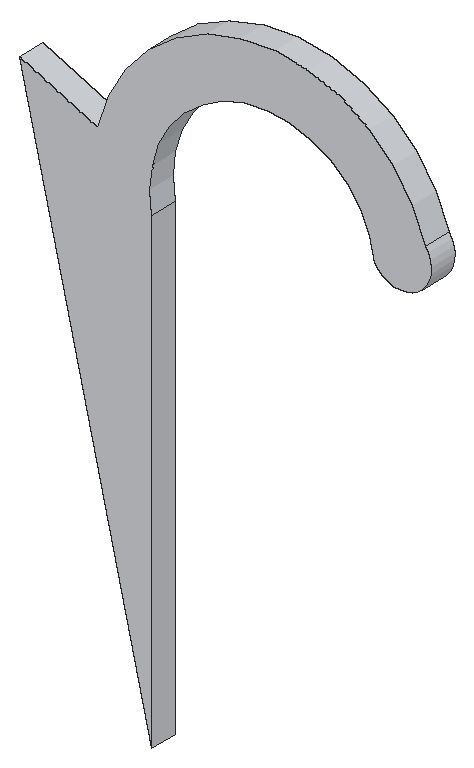
Revit family "CF1G", category Generic Models, Revit 2017
Family settings
  Can host rebar = No
  Round Connector Dimension = Use Diameter
  Part Type = Normal
  Work Plane-Based = Yes
  Always vertical = No
  Cut with Voids When Loaded = No
  Shared = No
  Room Calculation Point = No
Parameters (values of type "NBS Standard Parameters")
  Weight = "0.0135Kg"
  WarrantyStartDate [instance] = "1900-12-31T23:59:59"
  WarrantyGuarantorParts = "n/a"
  WarrantyGuarantorLabor = "n/a"
  WarrantyDurationUnit = "12 months"
  WarrantyDurationParts = "n/a"
  WarrantyDurationLabor = "n/a"
  WarrantyDescription = "n/a"
  Version = "1"
  Uniclass2 = "Pr_65_70_11_20"
  TagNumber [instance] = "n/a"
  SustainabilityPerformance = "n/a"
  Size = "20mm"
  Shape = "Flat"
  SerialNumber [instance] = "n/a"
  Revision = "n/a"
  ReplacementCost = "n/a"
  ProductInformation = "www.metpro.co.uk/pdf/CF1G.pdf"
  NominalWidth = 30 mm
  NominalLength = 59 mm
  NominalHeight = 2.5 mm
  Name = ""
  NBSTypeID = ""
  NBSReference = "90-55-10/460"
  NBSOfficeMasterTag = ""
  NBSNote = ""
  NBSDescription = "Conduit Fittings"
  NBSCertification = ""
  ModelReference = "CF1G"
  ModelNumber = "n/a"
  Material = "Pressed Steel"
  ManufacturerURL = "www.metpro.co.uk"
  ManufacturerName = "Metpro Ltd"
  Keynote = "Compliant to LU Standard 1-085"
  InstallationDate [instance] = "1900-12-31T23:59:59"
  IfcExportType = ""
  IfcExportAs = ""
  Grade = "n/a"
  Finish = "BZP"
  Features = "n/a"
  ExpectedLife = "n/a"
  DurationUnit = "year"
  Description = "CF1G/b 20mm Flat Crampet"
  Default Elevation = 1219.2 mm
  Constituents = "n/a"
  Color = "n/a"
  CodePerformance = "n/a"
  Category = "n/a"
  BarCode [instance] = "n/a"
  BIMObjectName = "Metpro_Metprolibrary_Conduitfittings_Metalcomponent_Steel accessories"
  Author = "Metpro Limited"
  AssetType = ""
  AssetIdentifier [instance] = "n/a"
  AccessibilityPerformance = "n/a"
Reference planes
  plane 1 "Center (Front/Back)": y = 0
  plane 2: z = 0
  plane 3 "Center (Left/Right)": x = 0
Forms (mm)
  Extrusion 1, solid
    sketch origin (-11.449, 14.055, 2.675) x (0, 0, -1) y (1, 0, 0)
      loop
        line (9.542, -7.187) -> (-32.665, -7.187)
        arc (-32.665, -7.187) -> (-44.461, 1.02) -> (-35.877, 12.543) r 10
        arc (-35.877, 12.543) -> (-34.893, 16.344) -> (-38.758, 17.036) r 2.676
        arc (-38.758, 17.036) -> (-49.585, 2.191) -> (-37.914, -12.001) r 15
        line (-37.914, -12.001) -> (-41.124, -18.884) -> (9.542, -7.187)
    from 0 to 2.5
Dimensions and locks
  aligned and locked: level to plane 2
